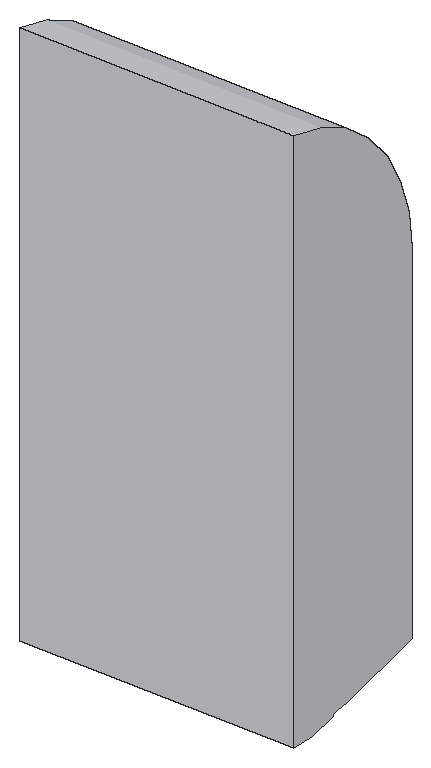
Revit family "DAN DRYER Stainless Design Mini Design 286", category Furniture Systems, host Wall, Revit 2018
Family settings
  Host = Wall
  Round Connector Dimension = Use Diameter
  Part Type = Normal
  Always vertical = Yes
  Cut with Voids When Loaded = No
  Shared = No
  Room Calculation Point = No
Parameters (values of type "Stål")
  Wicth = 267 mm
  URL = "http://www.dandryer.com/Files/Billeder/PDF/Datablade/Nye/Technical%20data%20sheet_%20286.pdf"
  Type Image = <None>
  Offset from Floor = 1400 mm
  Model = "Stainless design"
  Manufacturer = "http://www.dandryer.com/"
  Height = 536 mm
  Description = "STAINLESS DESIGN, Paper towel dispenser Art. no. 286"
  Cost = 0
Reference planes
  plane 1 "Wall": y = 0
  plane 2 "Center (Left/Right)": x = 125
  plane 3 "Back": y = 75
  plane 4 "Top": z = 1400
  plane 5 "Bund": z = 864
  plane 6: x = 258.5
  plane 7: x = -8.5
Forms (mm)
  Extrusion 1, solid
    sketch origin (125, 0, 0) x (0, 1, 0) y (0, 0, 1)
      loop
        line (75, 864) -> (97.679, 864) -> (219, 896.508) -> (219, 1237.508)
        arc (219, 1237.508) -> (177.82, 1346.066) -> (75, 1400) r 163.68
        line (75, 1400) -> (75, 864)
    from -133.5 to 133.5
  Extrusion 2, void
    sketch origin (125, 0, 0) x (0, 1, 0) y (0, 0, 1)
      loop
        line (138.213, 874.861) -> (138.213, 876.025) -> (122.85, 871.908) -> (122.85, 870.744) -> (138.213, 874.861)
    from -187.5 to 187.5
Cuts and joins
  Extrusion 2 cuts Extrusion 1
Text (mm)
  text "Placement Side" at (-1848.837, 1116.779, 0), in view "Ref. Level"
  text "Placement side" at (0, 1409.804, 2854.306), in view "Left"
  text "Placement side" at (0, 499.811, 2980.732), in view "Right"
Dimensions and locks
  locked: plane 3 "Back" to host wall
  "Height": plane 5 "Bund" to plane 4 "Top"
  equal spacing: plane 7, plane 2 "Center (Left/Right)", plane 6
  "Wicth": plane 7 to plane 6
  "Offset from Floor": level to plane 4 "Top"
  aligned and locked: plane 1 "Wall" to host wall
  aligned and locked: Extrusion 1 to plane 7
  aligned and locked: Extrusion 1 to plane 6
  aligned and locked: plane 4 "Top" to Extrusion 1 sketch curve
  aligned and locked: host wall to Extrusion 1 sketch curve
Automatic sketch dimensions
  Extrusion 1 sketch curve to plane 5 "Bund" = 0 mm
  Extrusion 1 sketch curve to host wall = 19.68 mm
  Extrusion 1 sketch curve to Extrusion 1 sketch curve = 22.679 mm
  plane 5 "Bund" to Extrusion 1 sketch curve = 32.508 mm
  Extrusion 1 sketch curve to Extrusion 1 sketch curve = 121.321 mm
  plane 5 "Bund" to Extrusion 2 sketch curve = 6.744 mm
  host wall to Extrusion 2 sketch curve = 47.85 mm
  Extrusion 2 sketch curve to Extrusion 2 sketch curve = 1.164 mm
  plane 5 "Bund" to Extrusion 2 sketch curve = 12.025 mm
  Extrusion 2 sketch curve to Extrusion 2 sketch curve = 15.364 mm
  plane 5 "Bund" to Extrusion 2 sketch curve = 10.861 mm
